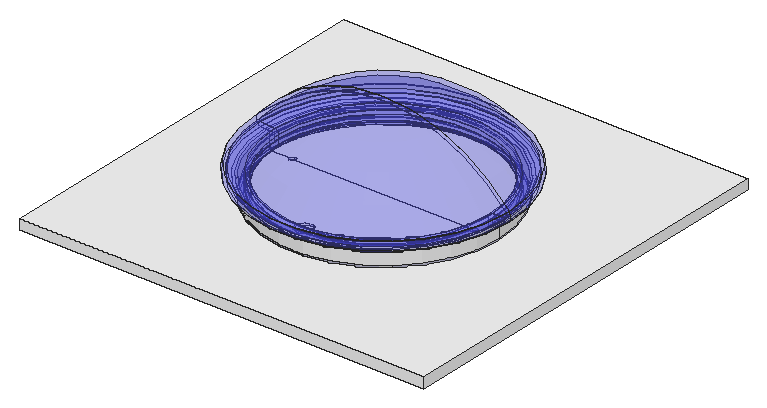
Revit family "BE_12136_de_DE", category Leuchten, Revit 2020
Family settings
  Basisbauteil = Fläche
  Bemaßung runder Anschluss = Durchmesser verwenden
  Teiletyp = Normal
  Beim Laden mit Abzugskörper schneiden = Ja
  Lichtquelle = Ja
  Gemeinsam genutzt = Nein
  Raumberechnungspunkt = Ja
Parameters (values of type "BEGA_12136_K3")
  built-in parameter 1150104 = 11.557 (stored number, unit not read)
  Wattage = 8.4 W
  Default Elevation = 0 mm
  built-in parameter 1150113 = 1 (stored number, unit not read)
  built-in parameter 1114218 = 1 (stored number, unit not read)
  Umgebungstemperatur = "25 °C"
  URL = "https://www.bega.com/de/produkt/12136"
  Typenkommentare = "© 2022 BEGA. Wir behalten uns das Recht vor, technische Änderungen ohne vorherige Ankündigung vorzunehmen."  # constant formula
  built-in parameter 1150134 = (empty or 0)
  built-in parameter 1150109 = 1 (stored number, unit not read)
  Strom = ""
  built-in parameter 1150110 = 1 (stored number, unit not read)
  Spannung = 230 V
  Sonderanfertigung = no
  Seriennummer [instance] = "Hier können Sie die eindeutige Seriennummer für das Facility Management eintragen."
  Schutzklasse = "I"
  Schutzart = "IP 20"
  Scheinlast = 0 VA
  Produktdatenblatt = "http://www.bega.de/download/Xrfa/db/12136.db.de.pdf"
  Oberflächentemperatur = ""
  Neigungswinkel = 0.00°
  Model = "12136K2"
  Material_17 = BEGA_Reflektor
  Material_15 = BEGA_Leuchtmedium_matt
  Material_11 = BEGA_Glas_opal
  Material_09 = BEGA_Glas_klar
  Material_06 = BEGA_Oberfläche_Edelstahl_gebürstet
  Material_03 = BEGA_Oberfläche_Weiss_matt
  Material_02 = BEGA_Oberfläche_Silber_matt
  Material_01 [instance] = BEGA_Oberfläche_Grafit_matt
  M_W = no
  M_G = no
  M_A = no
  Logo = 0
  built-in parameter 1114217 = 1 (stored number, unit not read)
  built-in parameter 1150139 = (empty or 0)
  built-in parameter 1150105 = 264.29 (stored number, unit not read)
  built-in parameter 1150114 = 1 (stored number, unit not read)
  Lumens = 1044.96 lm
  built-in parameter 1150115 = 1 (stored number, unit not read)
  Leuchtenlichtstrom = "620 lm"
  Leuchtenanzahl = ""
  Lebensdauerkriterien = "L70B50 @ 25 °C = 206000 h"
  Lastklassifizierung = Beleuchtung
  built-in parameter 1150112 = 1 (stored number, unit not read)
  Lampenlichtstrom = "1045 lm"
  Lamp = "LED 8.4 W"
  LED_Modulbezeichnung = "LED-0508/927"
  Hersteller = "BEGA"  # constant formula
  Halbstreuwinkel = ""
  Gewicht = "1.45 kg"
  Gebrauchslageneinschränkung [instance] = ""
  Frequenz = "50 Hz"
  Farbwiedergabeindex = "CRI > 90"
  Farbtemperaturverschiebung bei Dämpfen der Lampe = <Keine Auswahl>
  Farbtemperatur = "2700 K"
  Color Filter = 16777215
  built-in parameter 1150133 = 10 (stored number, unit not read)
  Energieeffizienzklasse = "LED A++ - A"
  built-in parameter 1150137 = (empty or 0)
  built-in parameter 1150132 = (empty or 0)
  ENEC = ""
  Dimmbar [instance] = ""
  Photometric Web File = "BE_12136K2.IES"
  CE_Konformität = "ja"
  Bestellnummer = "12136K2"
  Beschreibung_Sonderanfertigung = "Hier können Sie Informationen zur Sonderanfertigung eintragen."
  Beschreibung = "Decken- und Wandleuchte"
  built-in parameter 1150106 = 2.6429 (stored number, unit not read)
  Befestigungsbohrung = "Ø 5,5 mm"
  Befestigungsabstand = "180 mm"
  Ballwurfsicher = ""
  BEGA_Intern_aus = yes
  BEGA_Intern_an = yes
  BEGA_Intern_Konstruktion = yes
  BEGA_Intern = yes
  BEGA_IES = yes
  BEGA_Dummy = no
  Anschlussleitung = ""
  Anschlussleistung [instance] = "11.5 W"
  Anschlusskasten = ""
  built-in parameter 1150107 = 2700 (stored number, unit not read)
  built-in parameter 1150102 = (empty or 0)
  built-in parameter 1150138 = (empty or 0)
  Aktualisierung = "2020-07-27T04:00:12"
  Abstand_zur_angestrahlten_Fläche [instance] = ""
  AC/DC = "AC"
Types (2, lengths in mm): name | built-in parameter 1150104 | built-in parameter 1150134 | Model | built-in parameter 1150105 | Lumens | Leuchtenlichtstrom | Lampenlichtstrom | LED_Modulbezeichnung | Farbtemperatur | Photometric Web File | Bestellnummer | built-in parameter 1150106 | built-in parameter 1150107
  BEGA_12136_K3 | 11.669 (stored number, unit not read) | (empty or 0) | "12136K3" | 266.8 (stored number, unit not read) | 1055.04 lm | "624 lm" | "1205 lm" | "LED-0508/930" | "3000 K" | "BE_12136K3.IES" | "12136K3" | 2.668 (stored number, unit not read) | 3000 (stored number, unit not read)
  BEGA_12136_K27 | 12.133 (stored number, unit not read) | 12 | "12136K27" | 277.38 (stored number, unit not read) | 1097.04 lm | "603 lm" | "1165 lm" | "LED-0508/927" | "2700 K" | "BE_12136K27.IES" | "12136K27" | 2.7738 (stored number, unit not read) | 4000 (stored number, unit not read)
Reference planes
  plane 1 "Mitte (Vorne/Hinten)": y = 0
  plane 2: z = 0
  plane 3 "Mitte (Links/Rechts)": x = 0
  plane 4 "Links": x = -126
  plane 5 "Rechts": x = 126
  plane 6 "Unten": y = -126
  plane 7 "Oben": y = 126
  plane 8 "Vorne": z = 90.4
  plane 9 "Hinten": z = 0
Forms (mm)
  Extrusion 1, solid, material "BEGA_Platte_Weiss"
    sketch origin (0, -1119.2, 0) x (1, 0, 0) y (0, 1, 0)
      loop
        line (-200, 1319.2) -> (-200, 919.2) -> (200, 919.2) -> (200, 1319.2) -> (-200, 1319.2)
    from 0 to -10
  Extrusion 2, solid, material "BEGA_Dummy_matt", visible <- "BEGA_Dummy"
    sketch origin (77.149, -76.023, 0) x (1, 0, 0) y (0, 1, 0)
      loop
        circle (-77.149, 76.023) r 126.039
    from 0 to 90.4
Dimensions and locks
  plane 1 "Mitte (Vorne/Hinten)" to Extrusion 1 = 200 mm
  aligned and locked: plane 2 to Extrusion 1
  aligned and locked: level to Extrusion 1
Nested families
  nested 1: "BE_12136" at (0, 0, 0) x (0, -1, 0) z (0, 0, 1), type "BE_12136"
Connectors
  electrical at (0, 0, 0), driven by "Lastklassifizierung", driven by "Spannung", driven by "Scheinlast"
    settings: index 1, voltage 230 V, apparent load 0 VA, apparent load phase1 0 VA, apparent load phase2 0 VA, apparent load phase3 0 VA, power factor 1, load classification "Beleuchtung", number of poles 1, system type 31, power factor state 1, is connector primary yes, connector utility no, sub classification motor no, connector description ""
Definition of nested family "BE_12136"
  Parameters (values of type "BE_12136")
    Default Elevation = 1 mm
    URL = "http://www.bega.de/de/produkt"
    Type Comments = "© 2015 BEGA. Wir behalten uns das Recht vor, technische Änderungen ohne vorherige Ankündigung vorzunehmen. "  # constant formula
    Type Image = (empty or 0)
    Neigungswinkel_um_Z2 = 0.00°
    Neigungswinkel_um_Z1 = 0.00°
    Neigungswinkel_um_Y2 = 0.00°
    Neigungswinkel_um_Y1 = 0.00°
    Neigungswinkel_um_X2 = 0.00°
    Neigungswinkel_um_X1 = 0.00°
    Material_17 = none
    Material_15 = none
    Material_11 = none
    Material_09 = none
    Material_06 = none
    Material_05 = none
    Material_03 = none
    Material_02 = none
    Material_01 = none
    M_W = yes
    M_G = yes
    M_A = yes
    Länge_Platte = 400 mm  # constant formula
    Höhe_Platte = -10 mm  # constant formula
    Manufacturer = "BEGA"  # constant formula
    Drehwinkel_um_Z2 = 0.00°
    Drehwinkel_um_Z1 = 0.00°
    Breite_Platte = 400 mm  # constant formula
  Reference planes
    plane 1 "Mitte (Oben/Unten)": y = 0
    plane 2: z = 0
    plane 3 "Mitte (Links/Rechts)": x = 0
    plane 4: y = 126
    plane 5: z = 90.4
    plane 6: y = -126
    plane 7: x = -126
    plane 8: x = 126
  Forms (mm)
    Extrusion 1, solid, detail levels medium
      sketch origin (0, 0, 0) x (1, 0, 0) y (0, 1, 0)
        loop
          line (-200, 200) -> (-200, -200) -> (200, -200) -> (200, 200) -> (-200, 200)
      from 0 to -10 <- "Höhe_Platte"
    Revolve 2, solid, material <- "Material_03", detail levels medium+fine
      sketch origin (0, 0, 0) x (0, 1, 0) y (0, 0, 1)
        loop
          line (117.5, 19.8) -> (117.5, 20.8) -> (115.331, 20.8)
          arc (115.331, 20.8) -> (114.063, 20.284) -> (113.524, 19.025) r 1.8
          line (113.524, 19.025) -> (113.276, 4.767)
          arc (113.276, 4.767) -> (112.825, 3.728) -> (111.776, 3.3) r 1.5
          line (111.776, 3.3) -> (0, 3.3) -> (0, 2.3) -> (111.776, 2.3)
          arc (111.776, 2.3) -> (113.525, 3.014) -> (114.275, 4.748) r 2.5
          line (114.275, 4.748) -> (114.524, 19.01)
          arc (114.524, 19.01) -> (114.764, 19.571) -> (115.329, 19.8) r 0.8
          line (115.329, 19.8) -> (117.5, 19.8)
        axis (0, 2.3) -> (0, 20.8)
      angle from 0 to 360
    Revolve 3, solid, material <- "Material_03", detail levels medium+fine
      sketch origin (0, 0, 0) x (0, 1, 0) y (0, 0, 1)
        loop
          arc (99.13, 1.943) -> (99.474, 2.206) -> (99.896, 2.3) r 1
          line (99.896, 2.3) -> (100.896, 3.3) -> (92.75, 3.3) -> (92.75, 0) -> (96.108, 0)
          arc (96.108, 0) -> (97.369, 0.281) -> (98.395, 1.067) r 3
          line (98.395, 1.067) -> (99.13, 1.943)
        axis (90, 3.3) -> (90, 0)
      angle from 0 to 360
    Revolve 4, solid, material <- "Material_03", detail levels medium+fine
      sketch origin (0, 0, 0) x (0, -1, 0) y (0, 0, 1)
        loop
          arc (99.13, 1.943) -> (99.474, 2.206) -> (99.896, 2.3) r 1
          line (99.896, 2.3) -> (100.896, 3.3) -> (92.75, 3.3) -> (92.75, 0) -> (96.108, 0)
          arc (96.108, 0) -> (97.369, 0.281) -> (98.395, 1.067) r 3
          line (98.395, 1.067) -> (99.13, 1.943)
        axis (90, 3.3) -> (90, 0)
      angle from 0 to 360
    Extrusion 5, void
      sketch origin (0, 0, 0) x (1, 0, 0) y (0, 1, 0)
        loop
          circle (80, 15) r 8.5
        loop
          circle (80, -15) r 8.5
      from 1.096 to 7.205
    Revolve 6, solid, material <- "Material_11", detail levels medium+fine
      sketch origin (0, 0, 0) x (0, 1, 0) y (0, 0, 1)
        loop
          line (0, 90.4) -> (0, 86.6)
          arc (0, 86.6) -> (67.014, 71.601) -> (121.239, 29.464) r 157.2
          arc (121.239, 29.464) -> (122.17, 27.288) -> (121.777, 24.953) r 4.2
          line (121.777, 24.953) -> (107.481, 24.204)
          arc (107.481, 24.204) -> (104.795, 22.96) -> (103.7, 20.21) r 4
          line (103.7, 20.21) -> (103.7, 16.4) -> (103.7, 11.174)
          arc (103.7, 11.174) -> (104.099, 9.678) -> (105.19, 8.579) r 3.003
          line (105.19, 8.579) -> (106.963, 7.556)
          arc (106.963, 7.556) -> (108.068, 6.43) -> (108.449, 4.9) r 3.003
          line (108.449, 4.9) -> (112.25, 4.9) -> (112.25, 8.894) -> (107.997, 11.349)
          arc (107.997, 11.349) -> (107.633, 11.715) -> (107.5, 12.214) r 1.001
          line (107.5, 12.214) -> (107.5, 19.451)
          arc (107.5, 19.451) -> (107.774, 20.139) -> (108.445, 20.45) r 1
          line (108.445, 20.45) -> (121.856, 21.152)
          arc (121.856, 21.152) -> (123.904, 21.845) -> (125.293, 23.503) r 4
          arc (125.293, 23.503) -> (125.929, 27.854) -> (124.17, 31.883) r 8
          arc (124.17, 31.883) -> (68.634, 75.038) -> (0, 90.4) r 161
        axis (0, 90.4) -> (0, 4.9)
      angle from 0 to 360
    Extrusion 7, void
      sketch origin (0, 0, 0) x (1, 0, 0) y (0, 1, 0)
        loop
          circle (0, 90) r 2.75
        loop
          circle (0, -90) r 2.75
      from 0 to 9
  Cuts and joins
    Extrusion 5, Extrusion 7 cuts Revolve 2
    Extrusion 5, Extrusion 7 cuts Revolve 3
    Extrusion 5, Extrusion 7 cuts Revolve 4
    joined: Revolve 2, Revolve 3, Revolve 4
  Dimensions and locks
    equal spacing: Extrusion 1 sketch curve, plane 3 "Mitte (Links/Rechts)", Extrusion 1 sketch curve
    equal spacing: Extrusion 1 sketch curve, plane 1 "Mitte (Oben/Unten)", Extrusion 1 sketch curve
    "Länge_Platte": Extrusion 1 sketch curve to Extrusion 1 sketch curve
    "Breite_Platte": Extrusion 1 sketch curve to Extrusion 1 sketch curve
    aligned and locked: plane 2 to Extrusion 1
    aligned and locked: level to Extrusion 1
  Automatic sketch dimensions
    Revolve 2 sketch curve to Revolve 2 sketch curve = 0 mm  (x11)
    Revolve 2 sketch curve to plane 1 "Mitte (Oben/Unten)" = 0 mm  (x2)
    Revolve 2 sketch curve to Revolve 2 sketch curve = 1.5 mm
    Revolve 2 sketch curve to Revolve 2 sketch curve = 1 mm  (x3)
    Revolve 2 sketch curve to Revolve 2 sketch curve = 0.8 mm
    Revolve 2 sketch curve to Revolve 2 sketch curve = 0.004 mm
    Revolve 2 sketch curve to Revolve 2 sketch curve = 0.002 mm
    Revolve 2 sketch curve to Revolve 2 sketch curve = 2.169 mm
    level to Revolve 2 sketch curve = 2.3 mm
    Revolve 2 sketch curve to Revolve 2 sketch curve = 1.448 mm
    Revolve 2 sketch curve to Revolve 2 sketch curve = 0.02 mm
    Revolve 2 sketch curve to Revolve 2 sketch curve = 0.033 mm
    Revolve 2 sketch curve to Revolve 2 sketch curve = 14.252 mm
    Revolve 2 sketch curve to Revolve 2 sketch curve = 0.01 mm
    Revolve 2 sketch curve to Revolve 2 sketch curve = 0.015 mm
    Revolve 2 sketch curve to Revolve 2 sketch curve = 4 mm
    Revolve 3 sketch curve to level = 0 mm
    level to Revolve 3 sketch curve = 3.3 mm
    Revolve 3 sketch curve to Revolve 3 sketch curve = 3.351 mm
    Revolve 3 sketch curve to Revolve 3 sketch curve = 0.007 mm
    level to Revolve 3 sketch curve = 1.067 mm
    Revolve 3 sketch curve to Revolve 3 sketch curve = 2.287 mm
    level to Revolve 3 sketch curve = 2.3 mm
    Revolve 3 sketch curve to Revolve 3 sketch curve = 1.501 mm
    Revolve 3 sketch curve to Revolve 3 sketch curve = 0 mm  (x2)
    Revolve 3 sketch curve to Revolve 3 sketch curve = 1 mm  (x2)
    Revolve 3 sketch curve to Revolve 3 sketch curve = 2.75 mm
    level to Revolve 3 sketch curve = 1.943 mm
    Revolve 3 sketch curve to Revolve 3 sketch curve = 0.766 mm
    Revolve 3 sketch curve to level = 2.001 mm
    Revolve 3 sketch curve to Revolve 3 sketch curve = 2 mm
    Revolve 4 sketch curve to level = 0 mm
    Revolve 4 sketch curve to level = 3.3 mm
    Revolve 4 sketch curve to Revolve 4 sketch curve = 3.351 mm
    Revolve 4 sketch curve to Revolve 4 sketch curve = 0.007 mm
    Revolve 4 sketch curve to level = 1.067 mm
    Revolve 4 sketch curve to Revolve 4 sketch curve = 2.287 mm
    Revolve 4 sketch curve to level = 2.3 mm
    Revolve 4 sketch curve to Revolve 4 sketch curve = 1.501 mm
    Revolve 4 sketch curve to Revolve 4 sketch curve = 0 mm  (x2)
    Revolve 4 sketch curve to Revolve 4 sketch curve = 1 mm  (x2)
    Revolve 4 sketch curve to Revolve 4 sketch curve = 2.75 mm
    Revolve 4 sketch curve to level = 1.943 mm
    Revolve 4 sketch curve to Revolve 4 sketch curve = 0.766 mm
    level to Revolve 4 sketch curve = 2.001 mm
    Revolve 4 sketch curve to Revolve 4 sketch curve = 2 mm
    plane 1 "Mitte (Oben/Unten)" to Extrusion 5 sketch curve = 15 mm
    Extrusion 5 sketch curve to plane 1 "Mitte (Oben/Unten)" = 15 mm
    Extrusion 5 sketch curve to Extrusion 5 sketch curve = 0 mm
    Revolve 6 sketch curve to Revolve 6 sketch curve = 0 mm  (x15)
    plane 1 "Mitte (Oben/Unten)" to Revolve 6 sketch curve = 0 mm
    Revolve 6 sketch curve to plane 1 "Mitte (Oben/Unten)" = 0 mm  (x2)
    Revolve 6 sketch curve to Revolve 6 sketch curve = 1.49 mm
    Revolve 6 sketch curve to Revolve 6 sketch curve = 0.257 mm
    Revolve 6 sketch curve to Revolve 6 sketch curve = 1.513 mm
    level to Revolve 6 sketch curve = 7.556 mm
    Revolve 6 sketch curve to Revolve 6 sketch curve = 1.773 mm
    Revolve 6 sketch curve to Revolve 6 sketch curve = 3.781 mm
    Revolve 6 sketch curve to Revolve 6 sketch curve = 3.8 mm  (x2)
    Revolve 6 sketch curve to Revolve 6 sketch curve = 0.2 mm
    Revolve 6 sketch curve to Revolve 6 sketch curve = 0.497 mm
    Revolve 6 sketch curve to Revolve 6 sketch curve = 0.745 mm
    Revolve 6 sketch curve to Revolve 6 sketch curve = 3.002 mm
    Revolve 6 sketch curve to Revolve 6 sketch curve = 0.055 mm
    Revolve 6 sketch curve to Revolve 6 sketch curve = 0.504 mm
    Revolve 6 sketch curve to Revolve 6 sketch curve = 3.801 mm  (x2)
    Revolve 6 sketch curve to Revolve 6 sketch curve = 0.13 mm
    Revolve 6 sketch curve to Revolve 6 sketch curve = 2.592 mm
    Revolve 6 sketch curve to level = 70.6 mm
    Revolve 6 sketch curve to Revolve 6 sketch curve = 1.024 mm
    Revolve 6 sketch curve to Revolve 6 sketch curve = 3.994 mm
    Revolve 6 sketch curve to Revolve 6 sketch curve = 2.594 mm
    Revolve 6 sketch curve to Revolve 6 sketch curve = 0.176 mm
    Revolve 6 sketch curve to Revolve 6 sketch curve = 0.865 mm
    Revolve 6 sketch curve to Revolve 6 sketch curve = 4.186 mm
    Revolve 6 sketch curve to Revolve 6 sketch curve = 3.051 mm
    Revolve 6 sketch curve to Revolve 6 sketch curve = 0.239 mm
    Revolve 6 sketch curve to Revolve 6 sketch curve = 3.755 mm
    Revolve 6 sketch curve to Revolve 6 sketch curve = 4.504 mm
    Revolve 6 sketch curve to Revolve 6 sketch curve = 0.193 mm
    Revolve 6 sketch curve to Revolve 6 sketch curve = 1.644 mm
    Revolve 6 sketch curve to Revolve 6 sketch curve = 2.931 mm
    Revolve 6 sketch curve to Revolve 6 sketch curve = 3.516 mm
    Revolve 6 sketch curve to Revolve 6 sketch curve = 3.81 mm
    level to Revolve 6 sketch curve = 40.4 mm
    Revolve 2 sketch curve to plane 1 "Mitte (Oben/Unten)" = 111.776 mm
    Revolve 2 sketch curve to Revolve 2 sketch curve = 0.249 mm
    Revolve 3 sketch curve to plane 1 "Mitte (Oben/Unten)" = 92.75 mm
    Revolve 6 sketch curve to plane 1 "Mitte (Oben/Unten)" = 103.7 mm
    Revolve 6 sketch curve to Revolve 6 sketch curve = 10.519 mm
    Revolve 6 sketch curve to Revolve 6 sketch curve = 3.647 mm
    Revolve 6 sketch curve to Revolve 6 sketch curve = 3.239 mm
    Revolve 6 sketch curve to Revolve 6 sketch curve = 0.079 mm
    Revolve 4 sketch curve to plane 1 "Mitte (Oben/Unten)" = 92.75 mm
    Revolve 6 sketch curve to Revolve 6 sketch curve = 46.2 mm
    plane 3 "Mitte (Links/Rechts)" to Extrusion 5 sketch curve = 80 mm
    Extrusion 7 sketch curve to plane 3 "Mitte (Links/Rechts)" = 0 mm  (x2)
    plane 6 to Extrusion 7 sketch curve = 36 mm
    plane 4 to Extrusion 7 sketch curve = 36 mm
    radius of Extrusion 5 sketch curve = 8.5 mm  (x2)
    radius of Extrusion 7 sketch curve = 2.75 mm  (x2)
